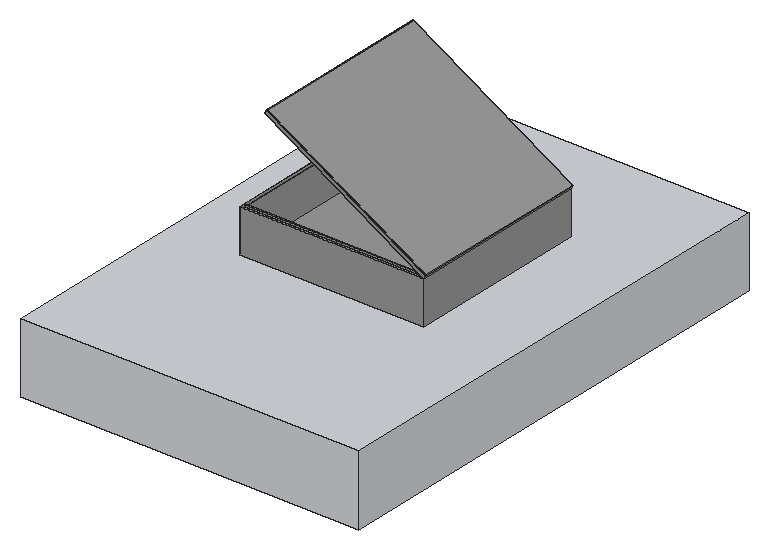
Revit family "Hager-Univers-IP44-D205-H800-Cl.I-Encl-AT-de", category Equipement électrique, Revit 2020
Family settings
  Hôte = Face
  Configuration du panneau = Deux colonnes, circuits au sein
  Cote de connecteur circulaire = Utiliser le diamètre
  Type d'élément = Tableau de raccordement
  Couper avec des vides une fois chargée = Non
  Partagée = Non
  Point de calcul de pièce = Non
Parameters (values of type "Aufputz IP44 B800 H800 T205  - FP53TN2")
  Width Control [instance] = if([EF000008 - Breite] > Min Width, [EF000008 - Breite], Min Width)  # 800 mm
  Commentaires du type = [HG000003 - Bereich]  # "Univers"
  Thickness Door [instance] = if([EF009171 - Materialstärke Tür/Deckel] > 3 mm, 3 mm, [EF009171 - Materialstärke Tür/Deckel])  # 1 mm
  Seal Frame Offset [instance] = 17 mm  # constant formula
  Plinth Visibility [instance] = [HG000027 - Sockelhöhe] > 0 mm  # no
  Model = ""
  Min Width [instance] = 100 mm  # constant formula
  Min Height [instance] = 100 mm  # constant formula
  Min Depth [instance] = (2 * [EF009170 - Materialstärke Gehäuse]) + 1 mm  # 3 mm
  Internal Frame Depth [instance] = (Door System Depth * 0.5)  # 9 mm
  Height Control [instance] = if([EF000040 - Höhe] > Min Height, [EF000040 - Höhe], Min Height)  # 800 mm
  HG000027 - Sockelhöhe = 0 mm
  HG000026 - Stehend auf dem Boden = no
  HG000024 - Höhe des unteren Teils = 800 mm
  HG000023 - Gehäuse mit doppeltem Querschnitt = no
  HG000016 - 3D-Türsichtbarkeit [instance] = yes
  HG000015 - Sichtbarkeit der Türöffnung [instance] = no
  HG000014 - Tür rechts [instance] = yes
  HG000013 - Tür links [instance] = not([HG000014 - Tür rechts])  # no
  HG000012 - Türschwenkwinkel [instance] = 30.00°
  HG000010 - Asymmetrische Türen = no
  HG000009 - Doppelflügeligen Tür = no
  HG000006 - Unterputz = no
  HG000004 - Herstellerreferenz = "FP53TN2"
  HG000003 - Bereich = "Univers"
  HG000002 - Mit tür = yes
  Frame Offset Bottom [instance] = 10 mm  # constant formula
  Frame Offset [instance] = 15 mm  # constant formula
  EF015940 - Deckel mit Überdruckentlastung = no
  EF011959 - Schutzart (NEMA) = ""
  EF009554 - Anzahl der Öffnungen für Flanschplatten = 6
  Fabricant = "Hager"  # constant formula
  EF009212 - Ausführung Deckel = "EV000116 - geschlossen"
  EF009171 - Materialstärke Tür/Deckel = 1 mm
  EF009170 - Materialstärke Gehäuse = 1 mm
  EF008873 - Nennstrom (In) = 250 A
  EF007800 - Geeignet für Blitzschutz = no
  EF006306 - Mit Schloss = no
  EF006244 - Transparenter Deckel/Tür = no
  EF005474 - Schutzart (IP) = "EV006418 - IP44"
  EF004464 - Art der Tür = "EV002646 - Einzel"
  EF004427 - Anzahl der Module = 180
  EF004293 - Schlagfestigkeit = "EV006815 - IK09"
  EF003532 - Geeignet für Außengebrauch = no
  EF002950 - Breite in Teilungseinheiten = 36
  EF001613 - Funktionserhalt = "EV000494 - ohne"
  EF001596 - Werkstoff des Gehäuses = "EV000179 - Stahl"
  EF001131 - Innentiefe = 205 mm
  EF001088 - Anbaumöglichkeit = yes
  EF000437 - Anzahl der Leitungseinführungen = 6
  EF000339 - Art der Abdeckung = "EV001012 - Deckel"
  EF000266 - Anzahl der Reihen = 5
  EF000218 - Einbautiefe = 205 mm
  EF000118 - Mit Montageplatte = no
  EF000116 - RAL-Nummer = "9010"
  EF000049 - Tiefe = 205 mm
  EF000040 - Höhe = 800 mm
  EF000008 - Breite = 800 mm
  EF000007 - Farbe = "EV000202 - weiß"
  EF000003 - Montageart = "EV000384 - Aufputz"
  Door System Leaf Tolerance [instance] = 1.5 mm  # constant formula
  Door System Depth [instance] = 18 mm  # constant formula
  Door Height [instance] = Height Control - [HG000027 - Sockelhöhe]  # 800 mm
  Depth Control [instance] = if([EF000049 - Tiefe] > Min Depth, [EF000049 - Tiefe], Min Depth)  # 205 mm
  Default Elevation = 0 mm
  Connector Offset [instance] = Height Control / 2  # 400 mm
  Bottom Top Plate Trim [instance] = 1.5 mm  # constant formula
  Plinth height Ctrl [instance] = if([HG000027 - Sockelhöhe] > 0 mm, [HG000027 - Sockelhöhe], 12 mm)  # 12 mm
Types (4, lengths in mm): name | Width Control | HG000009 - Doppelflügeligen Tür | HG000004 - Herstellerreferenz | EF009554 - Anzahl der Öffnungen für Flanschplatten | EF004464 - Art der Tür | EF004427 - Anzahl der Module | EF002950 - Breite in Teilungseinheiten | EF000437 - Anzahl der Leitungseinführungen | EF000008 - Breite
  Aufputz IP44 B1050 H800 T205  - FP54TN2 | 1050 | yes | "FP54TN2" | 8 | "EV003602 - Doppel" | 240 | 48 | 8 | 1050
  Aufputz IP44 B300 H800 T205  - FP51TN2 | 300 | no | "FP51TN2" | 2 | "EV002646 - Einzel" | 60 | 12 | 2 | 300
  Aufputz IP44 B550 H800 T205  - FP52TN2 | 550 | no | "FP52TN2" | 4 | "EV002646 - Einzel" | 120 | 24 | 4 | 550
  Aufputz IP44 B800 H800 T205  - FP53TN2 | 800 | no | "FP53TN2" | 6 | "EV002646 - Einzel" | 180 | 36 | 6 | 800
Reference planes
  plane 1 "Center (Front/Back)": y = 0
  plane 2: z = 0
  plane 3 "Center (Left/Right)": x = 0
  plane 4: z = 205
  plane 5: y = 1
  plane 6: y = 400
  plane 7: y = 0
  plane 8: y = 800
  plane 9: z = 0
  plane 10: x = -385
  plane 11: x = 385
  plane 12: x = 384
  plane 13: x = -384
  plane 14: y = 799
  plane 15: x = -383
  plane 16: x = -400
  plane 17: x = 383
  plane 18: x = 400
  plane 19: x = 399
  plane 20: x = -399
  plane 21: y = 11
  plane 22: y = 800
  plane 23: y = 784
  plane 24: z = 187
  plane 25: z = 1
  plane 26: z = 186
  plane 27: z = 204
Forms (mm)
  Extrusion 1, solid
    sketch origin (0, 0, 0) x (1, 0, 0) y (0, 1, 0)
      loop
        line (-702.964, 1305) -> (-702.964, -811.445) -> (766.763, -811.445) -> (766.763, 1305) -> (-702.964, 1305)
    from 0 to -304.8
  Extrusion 2, solid, material "Hager_Steel_RAL7035_Light_Grey", visible <- "Plinth Visibility", detail levels medium+fine
    sketch origin (0, 0, 0) x (1, 0, 0) y (0, 1, 0)
      loop
        line (-400, 0) -> (400, 0) -> (400, 12) -> (-400, 12) -> (-400, 0)
    from 0 to 187
  Extrusion 3, solid, material "Hager_Steel_RAL7035_Light_Grey", detail levels medium+fine
    sketch origin (0, 0, 0) x (1, 0, 0) y (0, 1, 0)
      loop
        line (-400, 0) -> (400, 0) -> (400, 800) -> (-400, 800) -> (-400, 0)
    from 0 to 187
  Extrusion 4, void
    sketch origin (0, 0, 0) x (1, 0, 0) y (0, 1, 0)
      loop
        line (-399, 1) -> (399, 1) -> (399, 799) -> (-399, 799) -> (-399, 1)
    from 1 to 186
  Extrusion 5, void
    sketch origin (-381.607, -4572, 187) x (0, -1, 0) y (-1, 0, 0)
      loop
        line (-4583, 2.393) -> (-5356, 2.393) -> (-5356, -765.607) -> (-4583, -765.607) -> (-4583, 2.393)
    from 0 to 1 <- "EF009170 - Materialstärke Gehäuse"
  Extrusion 6, solid, material "Hager_Steel_RAL7035_Light_Grey", detail levels fine
    sketch origin (0, 0, 187) x (1, 0, 0) y (0, 1, 0)
      loop
        line (-384, 784) -> (-384, 11) -> (384, 11) -> (384, 784) -> (-384, 784)
      loop
        line (-385, 10) -> (385, 10) -> (385, 785) -> (-385, 785) -> (-385, 10)
    from 0 to 9 <- "Internal Frame Depth"
  Extrusion 7, solid, material "Hager_Steel_RAL7035_Light_Grey", detail levels coarse
    sketch origin (0, 0, 0) x (1, 0, 0) y (0, 1, 0)
      loop
        line (-400, 0) -> (400, 0) -> (400, 800) -> (-400, 800) -> (-400, 0)
    from 0 to 205
  Sweep 8, void
    path in 3D
      loop
        line (-400, 12, 0) -> (400, 12, 0) -> (400, 12, 187) -> (-400, 12, 187) -> (-400, 12, 0)
    profile origin (-400, 12, 93.5) x (-1, 0, 0) y (0, -1, 0)
      loop
        line (0, 0) -> (0, 1.5) -> (-1.5, 1.5)
        arc (-1.5, 1.5) -> (-1.061, 0.439) -> (0, 0) r 1.5
Cuts and joins
  Extrusion 4, Extrusion 5 cuts Extrusion 3
  Sweep 8 cuts Extrusion 2
Lines and regions (mm)
  Masking region 1
    outline origin (0, 0, 0) x (1, 0, 0) y (0, 0, 1)
      loop
        line (-400, 205) -> (-400, 0) -> (400, 0) -> (400, 205) -> (-400, 205)
  Masking region 2, detail levels medium+fine
    outline origin (0, 140, 0) x (0, 1, 0) y (0, 0, 1)
      loop
        line (-140, 0) -> (660, 0) -> (660, 187) -> (-140, 187) -> (-140, 0)
  Masking region 3, not visible, detail levels medium+fine
    outline origin (0, 297.922, 0) x (0, 1, 0) y (0, 0, 1)
      loop
        line (113.578, 0) -> (153.578, 0) -> (153.578, 194)
        arc (153.578, 194) -> (150.649, 201.071) -> (143.578, 204) r 10
        line (143.578, 204) -> (113.578, 204) -> (113.578, 0)
  Masking region 4, detail levels coarse
    outline origin (0, 0, 180) x (0, 1, 0) y (0, 0, 1)
      loop
        line (0, -180) -> (800, -180) -> (800, 25) -> (0, 25) -> (0, -180)
  Masking region 5, visible <- "Plinth Visibility", detail levels medium+fine
    outline origin (0, 52.24, 12.345) x (0, 0, -1) y (0, 1, 0)
      loop
        line (10.845, -40.24) -> (-173.155, -40.24)
        arc (-173.155, -40.24) -> (-173.594, -41.301) -> (-174.655, -41.74) r 1.5
        line (-174.655, -41.74) -> (-174.655, -52.24) -> (12.345, -52.24) -> (12.345, -41.74)
        arc (12.345, -41.74) -> (11.285, -41.301) -> (10.845, -40.24) r 1.5
  Masking region 6, detail levels medium+fine
    outline origin (-381.607, -4572, 187) x (-1, 0, 0) y (0, -1, 0)
      loop
        line (18.393, -5372) -> (18.393, -4572) -> (-781.607, -4572) -> (-781.607, -5372) -> (18.393, -5372)
  Masking region 7, visible <- "Plinth Visibility", detail levels medium+fine
    outline origin (-381.607, -4727, 187) x (-1, 0, 0) y (0, -1, 0)
      loop
        arc (16.893, -4739) -> (17.332, -4737.939) -> (18.393, -4737.5) r 1.5
        line (18.393, -4737.5) -> (18.393, -4727) -> (-781.607, -4727) -> (-781.607, -4737.5)
        arc (-781.607, -4737.5) -> (-780.546, -4737.939) -> (-780.107, -4739) r 1.5
        line (-780.107, -4739) -> (16.893, -4739)
  Masking region 8, detail levels coarse
    outline origin (-442.548, -4669.526, 187) x (-1, 0, 0) y (0, -1, 0)
      loop
        line (-42.548, -5469.526) -> (-42.548, -4669.526) -> (-842.548, -4669.526) -> (-842.548, -5469.526) -> (-42.548, -5469.526)
  sketch lines
    curve 1: line (-400, 12, 187) -> (-400, 12, 0)
    curve 2: line (400, 12, 187) -> (-400, 12, 187)
    curve 3: line (400, 12, 187) -> (400, 12, 0)
    curve 4: line (-400, 12, 0) -> (400, 12, 0)
Dimensions and locks
  "Depth Control": plane 4 to Extrusion 1
  "HG000027 - Sockelhöhe": plane 1 "Center (Front/Back)" to plane 7
  "EF009170 - Materialstärke Gehäuse": plane 5 to plane 7
  locked: connector elem to plane 3 "Center (Left/Right)"
  equal spacing: plane 8, plane 6, plane 7
  locked: connector elem to plane 6
  "EF009170 - Materialstärke Gehäuse": plane 8 to plane 14
  "EF009170 - Materialstärke Gehäuse": plane 10 to plane 13
  "EF009170 - Materialstärke Gehäuse": plane 12 to plane 11
  "Frame Offset": plane 20 to plane 13
  "Frame Offset": plane 12 to plane 19
  "EF009170 - Materialstärke Gehäuse": plane 16 to plane 20
  "EF009170 - Materialstärke Gehäuse": plane 19 to plane 18
  "Seal Frame Offset": plane 16 to plane 15
  "Seal Frame Offset": plane 17 to plane 18
  "Frame Offset Bottom": plane 21 to plane 5
  "Frame Offset": plane 14 to plane 23
  equal spacing: plane 16, plane 3 "Center (Left/Right)", plane 18
  "Width Control": plane 16 to plane 18
  "EF009170 - Materialstärke Gehäuse": plane 4 to plane 27
  "EF009170 - Materialstärke Gehäuse": plane 24 to plane 26
  "EF009170 - Materialstärke Gehäuse": plane 25 to level
  "Door System Depth": plane 4 to plane 24
  "Height Control": plane 1 "Center (Front/Back)" to Extrusion 7 sketch curve
  "Height Control": Masking region 4 sketch curve to plane 1 "Center (Front/Back)"
  "Height Control": plane 1 "Center (Front/Back)" to plane 22
  "Bottom Top Plate Trim": profile plane to Sweep 8 sketch curve
  "Bottom Top Plate Trim": Sweep 8 sketch curve to profile plane
  "Plinth height Ctrl": plane 1 "Center (Front/Back)" to Extrusion 2 sketch curve
  "Plinth height Ctrl": Masking region 5 sketch curve to plane 1 "Center (Front/Back)"
  "Plinth height Ctrl": plane 1 "Center (Front/Back)" to Masking region 7 sketch curve
  "Thickness Door": Extrusion 6 sketch curve to Extrusion 6 sketch curve  (x3)
  "Thickness Door": cut or joined group of Extrusion 3, Extrusion 4, Extrusion 5 to Extrusion 6 sketch curve
  radius of Masking region 3 sketch curve = 10 mm
  "Bottom Top Plate Trim": radius of Masking region 5 sketch curve  (x2)
  "Bottom Top Plate Trim": radius of Sweep 8 sketch curve
  "Bottom Top Plate Trim": radius of Masking region 7 sketch curve  (x2)
  aligned and locked: plane 2 to Extrusion 1
  aligned and locked: level to Extrusion 1
  aligned and locked: level to Masking region 1 sketch curve
  aligned and locked: Masking region 1 sketch curve to plane 18
  aligned and locked: Masking region 1 sketch curve to plane 16
  aligned and locked: plane 7 to Masking region 2 sketch curve
  aligned and locked: level to Masking region 3 sketch curve
  aligned and locked: Masking region 3 sketch curve to plane 27
  aligned and locked: level to Masking region 2 sketch curve
  aligned and locked: plane 1 "Center (Front/Back)" to Extrusion 2 sketch curve
  aligned and locked: Extrusion 3 sketch curve to plane 7
  aligned and locked: plane 16 to Extrusion 3 sketch curve
  aligned and locked: plane 18 to Extrusion 3 sketch curve
  aligned and locked: plane 20 to Extrusion 4 sketch curve
  aligned and locked: plane 19 to Extrusion 4 sketch curve
  aligned and locked: Extrusion 4 sketch curve to plane 5
  aligned and locked: Extrusion 4 to plane 25
  aligned and locked: plane 26 to Extrusion 4
  aligned and locked: plane 24 to Extrusion 3
  aligned and locked: Extrusion 5 sketch curve to plane 21
  aligned and locked: Extrusion 5 sketch curve to plane 13
  aligned and locked: Extrusion 5 sketch curve to plane 12
  aligned and locked: plane 18 to Extrusion 7 sketch curve
  aligned and locked: plane 1 "Center (Front/Back)" to Extrusion 7 sketch curve
  aligned and locked: plane 16 to Extrusion 7 sketch curve
  aligned and locked: plane 4 to Extrusion 7
  aligned and locked: Extrusion 7 to level
  aligned and locked: level to Masking region 4 sketch curve
  aligned and locked: Masking region 4 sketch curve to plane 1 "Center (Front/Back)"
  aligned and locked: Masking region 4 sketch curve to plane 4
  aligned and locked: nested 1 to level
  aligned and locked: nested 1 to plane 16
  aligned and locked: plane 8 to Extrusion 3 sketch curve
  aligned and locked: plane 23 to Extrusion 5 sketch curve
  aligned and locked: plane 14 to Extrusion 4 sketch curve
  aligned and locked: Masking region 2 sketch curve to plane 8
  aligned and locked: level to Masking region 5 sketch curve
  aligned and locked: plane 16 to Extrusion 2 sketch curve
  aligned and locked: plane 18 to Extrusion 2 sketch curve
  aligned and locked: Masking region 5 sketch curve to plane 24
  aligned and locked: Masking region 2 sketch curve to plane 24
  aligned and locked: plane 24 to Extrusion 2
  aligned and locked: profile plane to Sweep 8 sketch curve  (x2)
  aligned and locked: Masking region 6 sketch curve to plane 18
  aligned and locked: Masking region 6 sketch curve to plane 22
  aligned and locked: Masking region 6 sketch curve to plane 16
  aligned and locked: plane 8 to plane 22
  aligned and locked: Masking region 6 sketch curve to plane 7
  aligned and locked: Masking region 7 sketch curve to plane 16
  aligned and locked: Masking region 7 sketch curve to plane 1 "Center (Front/Back)"
  aligned and locked: Masking region 7 sketch curve to plane 18
  aligned and locked: Masking region 8 sketch curve to plane 1 "Center (Front/Back)"
  aligned and locked: Masking region 8 sketch curve to plane 18
  aligned and locked: Masking region 8 sketch curve to plane 22
  aligned and locked: Masking region 8 sketch curve to plane 16
  aligned and locked: nested 2 to plane 7
  aligned and locked: plane 3 "Center (Left/Right)" to nested 2
  aligned and locked: nested 2 to plane 24
  aligned and locked: Extrusion 6 sketch curve to cut or joined group of Extrusion 3, Extrusion 4, Extrusion 5  (x4)
Automatic sketch dimensions
  Extrusion 1 sketch curve to Extrusion 1 sketch curve = 1469.727 mm
  Extrusion 1 sketch curve to Extrusion 1 sketch curve = 2116.445 mm
  Masking region 1 sketch curve to plane 4 = 0 mm
  plane 6 to Masking region 3 sketch curve = 11.5 mm
  Masking region 3 sketch curve to Masking region 3 sketch curve = 30 mm
  Masking region 5 sketch curve to plane 1 "Center (Front/Back)" = 0 mm
Nested families
  nested 1: "Hager_Enclosure_Symbol" at (-400, 0, 0) x (1, 0, 0) z (0, -1, 0), Height <- "Depth Control", Width <- "Width Control", type "Hager_Enclosure_Symbol"
    with Width_Ctrl 800 mm, Width 800 mm, Height_Ctrl 205 mm, Height 205 mm, A_Width_Int 13.453 mm, A_Width 161.438 mm, A_Height_Ctrl 179.375 mm, A_Height 179.375 mm
  nested 2: "EC000058_Univers_Door" at (0, 0, 187) x (1, 0, 0) z (0, 1, 0), Leaf_Tolerance <- "Door System Leaf Tolerance", Angle <- "HG000012 - Türschwenkwinkel", Door_Depth <- "Door System Depth", Door_Left <- "HG000013 - Tür links", Transparent <- "EF006244 - Transparenter Deckel/Tür", Assymetrical <- "HG000010 - Asymmetrische Türen", Width <- "Width Control", Clearance <- "HG000015 - Sichtbarkeit der Türöffnung", Double <- "HG000009 - Doppelflügeligen Tür", 3d_Door <- "HG000016 - 3D-Türsichtbarkeit", Lock_Visibility <- "EF006306 - Mit Schloss", Width_Ctrl <- "Width Control", Door_Right <- "HG000014 - Tür rechts", Door <- "HG000002 - Mit tür", Height <- "Door Height", Thickness <- "Thickness Door", type "EC000058_Univers_Door", detail levels medium+fine
    with min_wh 3 mm, Width_Ctrl 800 mm, Width 800 mm, Transparent no, Thickness 1 mm, Seal_Material Hager_Rubber, Lock_Visibility no, Lock_Material Hager_Plastic_RAL9005_Jet_Black, Leaf_Width 800 mm, Leaf_Tolerance_External_Sides 0 mm, Leaf_Tolerance 1.5 mm, Leaf_Offset 0 mm, Leaf_Height 797 mm, Leaf_2_Width 800 mm, Leaf_2_Offset 400 mm, Leaf_1_Width 800 mm, Leaf_1_Offset 400 mm, Height_Ctrl 800 mm, Height 800 mm, Glass_Material Hager_Glass, Double_Clearance_Ctrl no, Double no, Door_Right_Ctrl yes, Door_Right yes, Door_Material Hager_Steel_RAL7035_Light_Grey, Door_Left_Ctrl no, Door_Left no, Door_Depth 18 mm, Door yes, Clearance_Material Hager_Clearance, Clearance_Depth 800 mm, Clearance_Ctrl no, Clearance no, Assymetrical no, Angle 30.00°, 3d_Door yes
Connectors
  electrical at (0, 400, 0)
    settings: on plane 9, index 1, voltage 0 V, apparent load 0 VA, apparent load phase1 0 VA, apparent load phase2 0 VA, apparent load phase3 0 VA, power factor 1, load classification "Other", number of poles 1, system type 30, power factor state 1, is connector primary yes, connector utility no, sub classification motor no, connector description ""
Definition of nested family "EC000058_Univers_Door"
  Parameters (values of type "EC000058_Univers_Door")
    min_wh [instance] = (2 * Thickness) + 1 mm  # 11 mm
    Width_Ctrl [instance] = 400 mm
    Width [instance] = 500 mm
    Transparent [instance] = yes
    Thickness [instance] = 5 mm
    Seal_Material [instance] = none
    Lock_Visibility [instance] = yes
    Lock_Material [instance] = none
    Leaf_Width [instance] = if((Width_Ctrl - 2 * Leaf_Tolerance_External_Sides) > 0 mm, (Width_Ctrl - 2 * Leaf_Tolerance_External_Sides), min_wh)  # 400 mm
    Leaf_Tolerance_External_Sides [instance] = 0 mm  # constant formula
    Leaf_Tolerance [instance] = 1.5 mm
    Leaf_Offset [instance] = 0 mm  # constant formula
    Leaf_Height [instance] = if((Height_Ctrl - 2 * Leaf_Tolerance) > 0 mm, (Height_Ctrl - 2 * Leaf_Tolerance), min_wh)  # 497 mm
    Leaf_2_Width [instance] = if(and(and(Double, Assymetrical), Door_Left), (Leaf_Width / 3) - (Leaf_Tolerance / 2), if(and(and(Double, Assymetrical), Door_Right), (Leaf_Width / 3) * 2 - (Leaf_Tolerance / 2), if(and(Double, not(Assymetrical)), (Leaf_Width / 2) - Leaf_Tolerance, Leaf_Width)))  # 400 mm
    Leaf_2_Offset [instance] = if(and(Double, Assymetrical), Leaf_2_Width / 2, if(and(Double, not(Assymetrical)), Leaf_Width / 4, Leaf_Width / 2))  # 200 mm
    Leaf_1_Width [instance] = if(and(and(Double, Assymetrical), Door_Right), (Leaf_Width / 3) - (Leaf_Tolerance / 2), if(and(and(Double, Assymetrical), Door_Left), (Width / 3) * 2 - (Leaf_Tolerance / 2), if(and(Double, not(Assymetrical)), (Leaf_Width / 2) - Leaf_Tolerance, Leaf_Width)))  # 400 mm
    Leaf_1_Offset [instance] = if(and(Double, Assymetrical), Leaf_1_Width / 2, if(and(Double, not(Assymetrical)), Leaf_Width / 4, Leaf_Width / 2))  # 200 mm
    Height_Ctrl [instance] = if(Height > min_wh, Height, min_wh)  # 500 mm
    Height [instance] = 500 mm
    Glass_Material [instance] = none
    Double_Clearance_Ctrl [instance] = and(Double, Clearance)  # no
    Double [instance] = no
    Door_Right_Ctrl [instance] = and(or(Door_Right, Double), Door)  # yes
    Door_Right [instance] = yes
    Door_Material [instance] = none
    Door_Left_Ctrl [instance] = and(or(Door_Left, Double), Door)  # no
    Door_Left [instance] = no
    Door_Depth [instance] = 30 mm
    Door [instance] = yes
    Default Elevation = 1219.2 mm
    Clearance_Material [instance] = none
    Clearance_Depth [instance] = if(Leaf_1_Width > Leaf_2_Width, Leaf_1_Width, Leaf_2_Width)  # 400 mm
    Clearance_Ctrl [instance] = and(not(Double), Clearance)  # yes
    Clearance [instance] = yes
    Assymetrical [instance] = yes
    Angle [instance] = 30.00°
    3d_Door [instance] = yes
  Reference planes
    plane 1 "Center (Front/Back)": y = 0
    plane 2 "Bottom": z = 0
    plane 3 "Center (Left/Right)": x = 0
    plane 4: z = 500
    plane 5: x = -200
    plane 6: x = 200
    plane 7: z = 500
    plane 8: x = -200
    plane 9: z = 0
    plane 10: x = 200
    plane 11: y = 0
    plane 12: z = 1.5
    plane 13: x = -600
    plane 14: y = -400
    plane 15: x = 600
    plane 16: x = 0
    plane 17: x = 0
    plane 18: x = -200
    plane 19: x = 200
    plane 20: z = 498.5
  Forms (mm)
    Extrusion 1, solid, material <- "Clearance_Material", visible <- "Double_Clearance_Ctrl"
      sketch origin (1200, 0, 0) x (1, 0, 0) y (0, 0, -1)
        loop
          line (-1800, -498.5) -> (-600, -498.5) -> (-600, 0) -> (-1800, 0) -> (-1800, -498.5)
      from 0 to -400
  Dimensions and locks
    equal spacing: plane 5, plane 3 "Center (Left/Right)", plane 6
    "Width_Ctrl": plane 5 to plane 6
    "Leaf_Offset": plane 5 to plane 8
    "Leaf_Offset": plane 6 to plane 10
    "Leaf_Offset": plane 9 to level
    "Leaf_Offset": plane 4 to plane 7
    "Height_Ctrl": plane 4 to level
    "Leaf_Tolerance": plane 12 to plane 9
    locked: plane 11 to plane 1 "Center (Front/Back)"
    "Leaf_1_Offset": plane 18 to plane 16
    "Leaf_2_Offset": plane 17 to plane 19
    "Leaf_1_Width": plane 13 to plane 8
    "Leaf_2_Width": plane 10 to plane 15
    "Clearance_Depth": plane 14 to plane 1 "Center (Front/Back)"
    "Leaf_Tolerance_External_Sides": plane 8 to plane 18
    "Leaf_Tolerance_External_Sides": plane 19 to plane 10
    "Leaf_Tolerance": plane 7 to plane 20
    aligned and locked: level to plane 2 "Bottom"
    aligned and locked: nested 1 to plane 16
    aligned and locked: nested 2 to plane 17
    aligned and locked: Extrusion 1 to plane 13
    aligned and locked: plane 15 to Extrusion 1
    aligned and locked: Extrusion 1 to plane 14
    aligned and locked: plane 12 to nested 1
    aligned and locked: nested 2 to plane 12
    aligned and locked: Extrusion 1 to plane 11
    aligned and locked: plane 20 to Extrusion 1
    aligned and locked: nested 2 to plane 11
    aligned and locked: nested 1 to plane 11
  Automatic sketch dimensions
    Extrusion 1 sketch curve to level = 0 mm
    plane 5 to Extrusion 1 sketch curve = 400 mm
    plane 6 to Extrusion 1 sketch curve = 400 mm
    Extrusion 1 sketch curve to plane 4 = 1.5 mm
  Nested families
    nested 1: "EC000058_Univers_Door_Leaf" at (0, 0, 1.5), Width <- "Leaf_1_Width", visible <- "Door_Left_Ctrl", Leaf_Height <- "Leaf_Height", Angle <- "Angle", 3d_Door <- "3d_Door", Transparent <- "Transparent", Clearance Material <- "Clearance_Material", Clearance <- "Clearance_Ctrl", Door_Material <- "Door_Material", Glass_Material <- "Glass_Material", Door_Depth <- "Door_Depth", Lock_Material <- "Lock_Material", Seal_Material <- "Seal_Material", Lock_Visibility <- "Lock_Visibility", Thickness <- "Thickness", type "EC000058_Univers_Door_Leaf"
      with Width 400 mm, Transparent_Glass_Offset 30 mm, Transparent_Ctrl yes, Transparent yes, Thickness 5 mm, Standard no, Seal_Material none, Seal_D2 8 mm, Seal_D1 1 mm, Offset_Internal_Frame 10 mm, Lock_Width 20 mm, Lock_Visibility_3d yes, Lock_Visibility yes, Lock_Thickness_3 3 mm, Lock_Thickness_2 1 mm, Lock_Thickness_1 3 mm, Lock_Radius_Offset_2 16 mm, Lock_Radius_Offset_1 15 mm, Lock_Radius_2 5 mm, Lock_Radius 6 mm, Lock_Offset 5 mm, Lock_Material none, Lock_Height 80 mm, Lock_Cover_Top_Offset_2d 17 mm, Lock_Cover_Height -65 mm, Leaf_Height 497 mm, Internal_Seal_Thickness 8 mm, Internal_Seal_Depth_2 4.5 mm, Internal_Frame_Depth 25 mm, Glass_Thickness -1 mm, Glass_Offset -2 mm, Glass_Material none, Door_Material none, Door_Depth 30 mm, Clearance Material none, Clearance yes, Angle_Ctrl 30.00°, Angle 30.00°, 3d_Door yes
    nested 2: "EC000058_Univers_Door_Leaf" at (0, 0, 1.5) x (-1, 0, 0) z (0, 0, 1), Width <- "Leaf_2_Width", visible <- "Door_Right_Ctrl", Leaf_Height <- "Leaf_Height", Angle <- "Angle", 3d_Door <- "3d_Door", Transparent <- "Transparent", Clearance Material <- "Clearance_Material", Clearance <- "Clearance_Ctrl", Door_Material <- "Door_Material", Glass_Material <- "Glass_Material", Door_Depth <- "Door_Depth", Lock_Material <- "Lock_Material", Seal_Material <- "Seal_Material", Lock_Visibility <- "Lock_Visibility", Thickness <- "Thickness", type "EC000058_Univers_Door_Leaf"
      with Width 400 mm, Transparent_Glass_Offset 30 mm, Transparent_Ctrl yes, Transparent yes, Thickness 5 mm, Standard no, Seal_Material none, Seal_D2 8 mm, Seal_D1 1 mm, Offset_Internal_Frame 10 mm, Lock_Width 20 mm, Lock_Visibility_3d yes, Lock_Visibility yes, Lock_Thickness_3 3 mm, Lock_Thickness_2 1 mm, Lock_Thickness_1 3 mm, Lock_Radius_Offset_2 16 mm, Lock_Radius_Offset_1 15 mm, Lock_Radius_2 5 mm, Lock_Radius 6 mm, Lock_Offset 5 mm, Lock_Material none, Lock_Height 80 mm, Lock_Cover_Top_Offset_2d 17 mm, Lock_Cover_Height -65 mm, Leaf_Height 497 mm, Internal_Seal_Thickness 8 mm, Internal_Seal_Depth_2 4.5 mm, Internal_Frame_Depth 25 mm, Glass_Thickness -1 mm, Glass_Offset -2 mm, Glass_Material none, Door_Material none, Door_Depth 30 mm, Clearance Material none, Clearance yes, Angle_Ctrl 30.00°, Angle 30.00°, 3d_Door yes
  Definition of nested family "EC000058_Univers_Door_Leaf"
    Parameters (values of type "EC000058_Univers_Door_Leaf")
      Width [instance] = 2000 mm
      Transparent_Glass_Offset [instance] = 30 mm
      Transparent_Ctrl [instance] = and(Transparent, [3d_Door])  # yes
      Transparent [instance] = yes
      Thickness [instance] = 5 mm
      Standard [instance] = and(not(Transparent), [3d_Door])  # no
      Seal_Material [instance] = none
      Seal_D2 [instance] = 8 mm  # constant formula
      Seal_D1 [instance] = 1 mm  # constant formula
      Offset_Internal_Frame [instance] = 10 mm  # constant formula
      Lock_Width [instance] = 20 mm  # constant formula
      Lock_Visibility_3d [instance] = and(Lock_Visibility, [3d_Door])  # yes
      Lock_Visibility [instance] = yes
      Lock_Thickness_3 [instance] = 3 mm  # constant formula
      Lock_Thickness_2 [instance] = 1 mm  # constant formula
      Lock_Thickness_1 [instance] = 3 mm  # constant formula
      Lock_Radius_Offset_2 [instance] = Lock_Radius_Offset_1 + 1 mm  # 16 mm
      Lock_Radius_Offset_1 [instance] = 15 mm  # constant formula
      Lock_Radius_2 [instance] = Lock_Radius - 1 mm  # 5 mm
      Lock_Radius [instance] = 6 mm  # constant formula
      Lock_Offset [instance] = 5 mm  # constant formula
      Lock_Material [instance] = none
      Lock_Height [instance] = 80 mm  # constant formula
      Lock_Cover_Top_Offset_2d [instance] = Lock_Radius_Offset_2 + 1 mm  # 17 mm
      Lock_Cover_Height [instance] = -(Lock_Height - Lock_Radius_Offset_1)  # -65 mm
      Leaf_Height [instance] = 2720.336 mm
      Internal_Seal_Thickness [instance] = 8 mm  # constant formula
      Internal_Seal_Depth_2 [instance] = 4.5 mm  # constant formula
      Internal_Frame_Depth [instance] = if(Door_Depth - Thickness > 5 mm, Door_Depth - Thickness, 5 mm)  # 25 mm
      Glass_Thickness [instance] = if(Thickness > 15 mm, Glass_Offset + 10 mm, -1 mm)  # -1 mm
      Glass_Offset [instance] = if(Thickness > 15 mm, -(Thickness + 10 mm) / 2, -2 mm)  # -2 mm
      Glass_Material [instance] = none
      Door_Material [instance] = none
      Door_Depth [instance] = 30 mm
      Default Elevation = 0 mm
      Clearance Material [instance] = none
      Clearance [instance] = yes
      Angle_Ctrl [instance] = if(Angle > 180.00°, 180.00°, Angle)  # 90.00°
      Angle [instance] = 90.00°
      3d_Door [instance] = yes
    Reference planes
      plane 1 "Center (Front/Back)": y = 0
      plane 2: z = 0
      plane 3 "Center (Left/Right)": x = 0
      plane 4: y = 2000
      plane 5: x = -1000
      plane 6: x = 1000
      plane 7: x = -3000
      plane 8: z = 2720.336
      plane 9: z = 30
      plane 10: z = 2690.336
      plane 11: x = 970
      plane 12: x = -970
      plane 13: y = -3
      plane 14: z = 107.833
      plane 15: y = -5
      plane 16: y = -223.314
      plane 17: x = -1000
      plane 18: z = 1360.168
      plane 19: y = 30
    Forms (mm)
      Extrusion 1, solid, material <- "Clearance Material", visible <- "Clearance"
        sketch origin (0, 0, 0) x (1, 0, 0) y (0, 0, 1)
          loop
            line (-3000, 2720.336) -> (-3000, 0) -> (1000, 0) -> (1000, 2720.336) -> (-3000, 2720.336)
        from 0 to -2000
      Extrusion 2, solid, material <- "Door_Material", visible <- "Standard", detail levels medium+fine
        sketch origin (-1000, 0, 0) x (0, 1, 0) y (-1, 0, 0)
          loop
            line (0, 30) -> (0, 25) -> (2000, 25) -> (2000, 30) -> (0, 30)
        from 0 to 2720.336 <- "Leaf_Height"
      Extrusion 3, solid, material <- "Door_Material", visible <- "Transparent_Ctrl", detail levels medium+fine
        sketch origin (-1000, 0, 0) x (0, 1, 0) y (-1, 0, 0)
          loop
            line (0, 25) -> (2000, 25) -> (2000, 30) -> (0, 30) -> (0, 25)
        from 0 to 2720.336 <- "Leaf_Height"
      Extrusion 4, void
        sketch origin (-1025, 2000, 0) x (0, 1, 0) y (0, 0, -1)
          loop
            line (-30, -2690.336) -> (-30, -30) -> (-1970, -30) -> (-1970, -2690.336) -> (-30, -2690.336)
        from 0 to 5 <- "Thickness"
      Sweep 5, solid, material <- "Seal_Material", visible <- "Transparent_Ctrl", detail levels fine
        path in 3D
          loop
            line (-1025, 30, 30) -> (-1025, 30, 2690.336) -> (-1025, 1970, 2690.336) -> (-1025, 1970, 30) -> (-1025, 30, 30)
        profile origin (-1025, 1000, 30) x (1, 0, 0) y (0, 0, 1)
          loop
            line (0, 0) -> (0, -8) -> (1, -8) -> (1, 0) -> (0, 0)
      Extrusion 6, solid, material <- "Glass_Material", visible <- "Transparent_Ctrl", detail levels medium+fine
        sketch origin (-1030, 0, 0) x (0, 1, 0) y (0, 0, -1)
          loop
            line (1970, -2690.336) -> (1970, -30) -> (30, -30) -> (30, -2690.336) -> (1970, -2690.336)
        from -2 <- "Glass_Offset" to -1 <- "Glass_Thickness"
      Extrusion 7, solid, material <- "Door_Material", visible <- "3d_Door", detail levels medium+fine
        sketch origin (-1025, 2000, 0) x (0, -1, 0) y (0, 0, -1)
          loop
            line (0, -2720.336) -> (2000, -2720.336) -> (2000, 0) -> (0, 0) -> (0, -2720.336)
          loop
            line (1995, -5) -> (5, -5) -> (5, -2715.336) -> (1995, -2715.336) -> (1995, -5)
        from 0 to 25 <- "Internal_Frame_Depth"
      Sweep 8, solid, material <- "Seal_Material", visible <- "Transparent_Ctrl", detail levels fine
        path in 3D
          loop
            line (-1025, 0, 0) -> (-1025, 2000, 0) -> (-1025, 2000, 2720.336) -> (-1025, 0, 2720.336) -> (-1025, 0, 0)
        profile origin (-1025, 0, 1360.168) x (1, 0, 0) y (0, 1, 0)
          loop
            line (0, 10) -> (2.975, 10)
            arc (2.975, 10) -> (4.053, 10.447) -> (4.5, 11.525) r 1.525
            line (4.5, 11.525) -> (4.5, 16.527)
            arc (4.5, 16.527) -> (4.069, 17.569) -> (3.027, 18) r 1.473
            line (3.027, 18) -> (0, 18) -> (0, 10)
      Extrusion 9, solid, material <- "Lock_Material", visible <- "Lock_Visibility_3d", detail levels fine
        sketch origin (-1030, 0, 0) x (0, 1, 0) y (0, 0, -1)
          loop
            arc (1993.5, -1400.168) -> (1994.561, -1399.729) -> (1995, -1398.668) r 1.5
            line (1995, -1398.668) -> (1995, -1320.168) -> (1975, -1320.168) -> (1975, -1398.668)
            arc (1975, -1398.668) -> (1975.439, -1399.729) -> (1976.5, -1400.168) r 1.5
            line (1976.5, -1400.168) -> (1993.5, -1400.168)
        from 3 <- "Lock_Thickness_1" to 0
      Blend 10, solid, material <- "Lock_Material", visible <- "Lock_Visibility_3d", detail levels fine
        base sketch origin (-1033, 0, 0) x (0, 1, 0) y (0, 0, -1)
          loop
            line (1975, -1320.168) -> (1975, -1398.668)
            arc (1975, -1398.668) -> (1975.439, -1399.729) -> (1976.5, -1400.168) r 1.5
            line (1976.5, -1400.168) -> (1993.5, -1400.168)
            arc (1993.5, -1400.168) -> (1994.561, -1399.729) -> (1995, -1398.668) r 1.5
            line (1995, -1398.668) -> (1995, -1320.168) -> (1975, -1320.168)
        top sketch origin (-1033, 0, 0) x (0, 1, 0) y (0, 0, -1)
          loop
            line (1976, -1320.168) -> (1976, -1398.668)
            arc (1976, -1398.668) -> (1976.146, -1399.022) -> (1976.5, -1399.168) r 0.5
            line (1976.5, -1399.168) -> (1993.5, -1399.168)
            arc (1993.5, -1399.168) -> (1993.854, -1399.022) -> (1994, -1398.668) r 0.5
            line (1994, -1398.668) -> (1994, -1320.168) -> (1976, -1320.168)
        from 0 to 1 <- "Lock_Thickness_2"
      Blend 11, solid, material <- "Lock_Material", visible <- "Lock_Visibility_3d", detail levels fine
        base sketch origin (-1034, 0, 0) x (0, 1, 0) y (0, 0, -1)
          loop
            line (1978, -1320.168) -> (1978, -1384.168)
            arc (1978, -1384.168) -> (1985, -1391.168) -> (1992, -1384.168) r 7
            line (1992, -1384.168) -> (1992, -1320.168) -> (1978, -1320.168)
        top sketch origin (-1034, 0, 0) x (0, 1, 0) y (0, 0, -1)
          loop
            line (1991, -1320.168) -> (1979, -1320.168) -> (1979, -1383.168)
            arc (1979, -1383.168) -> (1985, -1389.168) -> (1991, -1383.168) r 6
            line (1991, -1383.168) -> (1991, -1320.168)
        from 0 to 3 <- "Lock_Thickness_3"
      Extrusion 12, solid, material <- "Lock_Material", visible <- "Lock_Visibility_3d", detail levels fine
        sketch origin (-1030, 1975, 1320.168) x (1, 0, 0) y (0, -1, 0)
          loop
            line (-7, -19) -> (-7, -1) -> (0, -1) -> (0, 0) -> (-8, 0) -> (-8, -20) -> (0, -20) -> (0, -19) -> (-7, -19)
        from 0 to -65 <- "Lock_Cover_Height"
      Extrusion 13, void
        sketch origin (-1038, 1995, 1320.168) x (-1, 0, 0) y (0, 0, -1)
          loop
            line (-5, -65) -> (0, -65) -> (-5, -60) -> (-5, -65)
        from 0 to 20 <- "Lock_Width"
      Extrusion 14, void
        sketch origin (-1038, 1975, 1320.168) x (0, -1, 0) y (0, 0, -1)
          loop
            circle (-10, -15.995) r 6
          loop
            circle (-10, -15.995) r 5
        from 0 to 2
      Extrusion 15, solid, material <- "Lock_Material", visible <- "Lock_Visibility_3d", detail levels medium
        sketch origin (-1030, 0, 0) x (0, 1, 0) y (0, 0, -1)
          loop
            arc (1993.5, -1400.168) -> (1994.561, -1399.729) -> (1995, -1398.668) r 1.5
            line (1995, -1398.668) -> (1995, -1320.168) -> (1975, -1320.168) -> (1975, -1398.668)
            arc (1975, -1398.668) -> (1975.439, -1399.729) -> (1976.5, -1400.168) r 1.5
            line (1976.5, -1400.168) -> (1993.5, -1400.168)
        from 8 to 0
    Cuts and joins
      Extrusion 4 cuts Extrusion 3
      Extrusion 13, Extrusion 14 cuts Extrusion 9
      Extrusion 14 cuts Blend 11
      Extrusion 13, Extrusion 14 cuts Extrusion 12
      joined: Extrusion 9, Blend 10, Blend 11, Extrusion 12
      Extrusion 14 cuts Extrusion 15
    Lines and regions (mm)
      Masking region 1, visible <- "Lock_Visibility", detail levels fine
        outline origin (0, 0, 0) x (0, 1, 0) y (0, 0, 1)
          loop
            line (30, 1320.168) -> (33, 1320.168) -> (33, 1400.168) -> (30, 1400.168) -> (30, 1320.168)
      Masking region 2, visible <- "Lock_Visibility", detail levels fine
        outline origin (0, 3.143, 0) x (0, 1, 0) y (0, 0, 1)
          loop
            line (29.857, 1354.168) -> (30.857, 1354.168) -> (30.857, 1366.168) -> (29.857, 1366.168) -> (29.857, 1354.168)
      Masking region 3, detail levels medium+fine
        outline origin (0, 0, 0) x (0, 1, 0) y (0, 0, 1)
          loop
            line (0, 0) -> (30, 0) -> (30, 2720.336) -> (0, 2720.336) -> (0, 0)
      Masking region 4, detail levels medium+fine
        outline origin (0, 0, 0) x (1, 0, 0) y (0, 0, 1)
          loop
            line (-1000, 2720.336) -> (-1000, 0) -> (1000, 0) -> (1000, 2720.336) -> (-1000, 2720.336)
      Masking region 5, visible <- "Lock_Visibility", detail levels fine
        outline origin (-47.116, 0, 0) x (1, 0, 0) y (0, 0, 1)
          loop
            arc (1024.616, 1399.168) -> (1023.556, 1398.729) -> (1023.116, 1397.668) r 1.5
            line (1023.116, 1397.668) -> (1023.116, 1320.168) -> (1041.116, 1320.168) -> (1041.116, 1397.668)
            arc (1041.116, 1397.668) -> (1040.677, 1398.729) -> (1039.616, 1399.168) r 1.5
            line (1039.616, 1399.168) -> (1024.616, 1399.168)
      Masking region 6, visible <- "Lock_Visibility", detail levels medium+fine
        outline origin (-25, 0, 0) x (1, 0, 0) y (0, 0, 1)
          loop
            arc (1001.5, 1400.168) -> (1000.439, 1399.729) -> (1000, 1398.668) r 1.5
            line (1000, 1398.668) -> (1000, 1320.168) -> (1020, 1320.168) -> (1020, 1398.668)
            arc (1020, 1398.668) -> (1019.561, 1399.729) -> (1018.5, 1400.168) r 1.5
            line (1018.5, 1400.168) -> (1001.5, 1400.168)
      Masking region 7, visible <- "Lock_Visibility", detail levels fine
        outline origin (-73.735, 0, 0) x (1, 0, 0) y (0, 0, 1)
          loop
            line (1051.735, 1382.168) -> (1065.735, 1382.168) -> (1065.735, 1384.168)
            arc (1065.735, 1384.168) -> (1058.735, 1391.168) -> (1051.735, 1384.168) r 7
            line (1051.735, 1384.168) -> (1051.735, 1382.168)
      Masking region 8, visible <- "Lock_Visibility", detail levels fine
        outline origin (-73.735, 0, 0) x (1, 0, 0) y (0, 0, 1)
          loop
            line (1052.735, 1382.168) -> (1064.735, 1382.168) -> (1064.735, 1383.168)
            arc (1064.735, 1383.168) -> (1058.735, 1389.168) -> (1052.735, 1383.168) r 6
            line (1052.735, 1383.168) -> (1052.735, 1382.168)
      Masking region 9, visible <- "Lock_Visibility", detail levels fine
        outline origin (-25, 0, 0) x (1, 0, 0) y (0, 0, 1)
          loop
            line (1020, 1320.168) -> (1020, 1382.168) -> (1000, 1382.168) -> (1000, 1320.168) -> (1020, 1320.168)
      Masking region 10, detail levels medium+fine
        outline origin (0, 0, 0) x (1, 0, 0) y (0, 0, 1)
          loop
            circle (985, 1335.144) r 6
      Masking region 11, detail levels fine
        outline origin (0, 0, 0) x (1, 0, 0) y (0, 0, 1)
          loop
            circle (985, 1335.144) r 5
      Masking region 12, visible <- "Lock_Visibility", detail levels fine
        outline origin (0, 12.767, 0) x (0, 1, 0) y (0, 0, 1)
          loop
            line (20.233, 1320.168) -> (21.233, 1320.168) -> (21.233, 1399.168) -> (20.233, 1400.168) -> (20.233, 1320.168)
      Masking region 13, visible <- "Lock_Visibility", detail levels fine
        outline origin (0, 13.767, -10) x (0, 1, 0) y (0, 0, 1)
          loop
            line (20.233, 1330.168) -> (23.233, 1330.168) -> (23.233, 1399.168) -> (20.233, 1402.168) -> (20.233, 1330.168)
      Masking region 14, visible <- "Lock_Visibility", detail levels fine
        outline origin (0, 12.767, -10) x (0, 1, 0) y (0, 0, 1)
          loop
            line (20.233, 1330.168) -> (25.233, 1330.168) -> (25.233, 1399.305) -> (20.233, 1394.305) -> (20.233, 1330.168)
      Masking region 15, visible <- "Lock_Visibility", detail levels medium
        outline origin (0, 0, 0) x (0, 1, 0) y (0, 0, 1)
          loop
            line (30, 1320.168) -> (38, 1320.168) -> (38, 1400.168) -> (30, 1400.168) -> (30, 1320.168)
      Masking region 16, visible <- "Lock_Visibility", detail levels fine
        outline origin (-1000, 0, 0) x (0, 1, 0) y (-1, 0, 0)
          loop
            line (1975, 30) -> (1995, 30) -> (1995, 38) -> (1975, 38) -> (1975, 30)
          loop
            line (1979, 37) -> (1976, 37) -> (1976, 34) -> (1978, 34) -> (1979, 37)
          loop
            line (1994, 37) -> (1991, 37) -> (1992, 34) -> (1994, 34) -> (1994, 37)
      Masking region 17, visible <- "Lock_Visibility", detail levels medium
        outline origin (-1000, 0, 0) x (0, 1, 0) y (-1, 0, 0)
          loop
            line (1975, 30) -> (1995, 30) -> (1995, 38) -> (1975, 38) -> (1975, 30)
      symbolic lines
        curve 1: line (1000, 0, 0) -> (-3000, 0, 0)
        curve 2: arc (1000, 0, 0) -> (-1000, 2000, 0) -> (-3000, 0, 0) r 2000
        curve 4: line (-1030, 0, 0) -> (-1030, 2000, 0)
      reference lines
        curve 3: line (-1000, 0, 0) -> (-1000, 2000, 0)
      symbolic lines, detail levels medium+fine
        curve 5: line (-1030, 2000, 0) -> (-1025, 2000, 0)
        curve 7: line (-1025, 0, 0) -> (-1030, 0, 0)
        curve 8: line (-1025, 0, 0) -> (-1000, 0, 0)
        curve 9: line (-1000, 0, 0) -> (-1000, 2000, 0)
        curve 10: line (-1000, 2000, 0) -> (-1025, 2000, 0)
      symbolic lines, detail levels fine
        curve 6: line (-1025, 2000, 0) -> (-1025, 0, 0)
      sketch lines
        curve 11: line (-1025, 0, 2720.336) -> (-1025, 0, 0)
        curve 12: line (-1025, 2000, 0) -> (-1025, 0, 0)
        curve 13: line (-1025, 2000, 2720.336) -> (-1025, 2000, 0)
        curve 14: line (-1025, 0, 2720.336) -> (-1025, 2000, 2720.336)
        curve 15: line (-1025, 1970, 30) -> (-1025, 30, 30)
        curve 16: line (-1025, 30, 30) -> (-1025, 30, 2690.336)
        curve 17: line (-1025, 1970, 2690.336) -> (-1025, 1970, 30)
        curve 18: line (-1025, 30, 2690.336) -> (-1025, 1970, 2690.336)
      symbolic lines, visible <- "Transparent", detail levels medium+fine
        curve 19: line (-970, 0, 2690.336) -> (970, 0, 2690.336)
        curve 20: line (-970, 0, 30) -> (-970, 0, 2690.336)
        curve 21: line (970, 0, 30) -> (-970, 0, 30)
        curve 22: line (970, 0, 2690.336) -> (970, 0, 30)
    Dimensions and locks
      "Width": plane 1 "Center (Front/Back)" to plane 4
      equal spacing: plane 5, plane 3 "Center (Left/Right)", plane 6
      "Width": plane 5 to plane 6
      "Width": plane 7 to plane 5
      "Leaf_Height": plane 8 to level
      "Width": curve 5 to curve 3
      "Width": curve 3 to curve 3
      plane 8 to plane 10 = 30 mm
      plane 9 to level = 30 mm
      plane 12 to plane 5 = 30 mm
      plane 6 to plane 11 = 30 mm
      Extrusion 1 to Extrusion 4 sketch curve = 30 mm
      "Transparent_Glass_Offset": curve 3 to Extrusion 4 sketch curve
      "Transparent_Glass_Offset": Extrusion 4 sketch curve to cut or joined group of Extrusion 3, Extrusion 4  (x2)
      cut or joined group of Extrusion 3, Extrusion 4 to Extrusion 6 sketch curve = 30 mm
      "Transparent_Glass_Offset": cut or joined group of Extrusion 3, Extrusion 4 to Extrusion 4 sketch curve
      "Thickness": curve 6 to curve 4
      "Thickness": Extrusion 7 sketch curve to Extrusion 7 sketch curve  (x4)
      "Door_Depth": curve 4 to curve 3
      "Offset_Internal_Frame": profile plane to Sweep 8 sketch curve
      "Internal_Seal_Thickness": Sweep 8 sketch curve to Sweep 8 sketch curve
      "Internal_Seal_Depth_2": profile plane to Sweep 8 sketch curve
      "Seal_D1": profile plane to Sweep 5 sketch curve
      "Seal_D2": profile plane to Sweep 5 sketch curve
      "Thickness": Extrusion 2 sketch curve to Extrusion 2 sketch curve
      equal spacing: Extrusion 9 sketch curve, plane 18, Extrusion 9 sketch curve  (x2)
      equal spacing: Masking region 1 sketch curve, plane 18, Masking region 1 sketch curve
      "Lock_Height": Masking region 1 sketch curve to Masking region 1 sketch curve
      "Lock_Radius": Masking region 2 sketch curve to plane 18 to Masking region 2 sketch curve
      Masking region 2 sketch curve to Masking region 1 = 1 mm
      "Door_Depth": plane 19 to plane 1 "Center (Front/Back)"
      "Lock_Thickness_1": Masking region 1 sketch curve to plane 19
      "Lock_Width": Extrusion 9 sketch curve to Extrusion 9 sketch curve
      "Lock_Height": Extrusion 9 sketch curve to Extrusion 9 sketch curve
      "Lock_Offset": cut or joined group of Extrusion 3, Extrusion 4 to Extrusion 9 sketch curve
      equal spacing: plane 8, plane 18, level
      "Lock_Radius_Offset_1": Blend 11 sketch curve to Blend 10
      locked: Blend 10 to Blend 11 sketch curve at 2  (x2)
      locked: var sketch to Blend 11 sketch curve at 1  (x2)
      "Lock_Radius_Offset_2": Blend 11 sketch curve to Blend 10
      locked: Extrusion 12 sketch curve to Extrusion 12 sketch curve at 1  (x3)
      Masking region 6 sketch curve to Masking region 6 sketch curve = 80 mm
      "Lock_Height": Masking region 6 sketch curve to Masking region 6 sketch curve
      "Lock_Width": Masking region 6 sketch curve to Masking region 6 sketch curve
      locked: Masking region 6 to Masking region 5 sketch curve at 1  (x3)
      locked: Masking region 5 to Masking region 7 sketch curve at 2  (x2)
      "Lock_Radius_Offset_1": Masking region 5 to Masking region 7 sketch curve
      "Lock_Radius_Offset_2": Masking region 5 to Masking region 8 sketch curve
      locked: Masking region 7 to Masking region 8 sketch curve at 1  (x2)
      "Lock_Cover_Top_Offset_2d": Masking region 5 to Masking region 9 sketch curve
      equal spacing: Masking region 9, Masking region 10 sketch curve, Masking region 9
      equal spacing: Masking region 9, Masking region 11 sketch curve, Masking region 9
      Extrusion 15 sketch curve to Extrusion 15 sketch curve = 80 mm
      "Lock_Width": Extrusion 15 sketch curve to Extrusion 15 sketch curve
      "Lock_Height": Extrusion 15 sketch curve to Extrusion 15 sketch curve
      equal spacing: Extrusion 15 sketch curve, plane 18, Extrusion 15 sketch curve
      "Lock_Thickness_3": Masking region 13 sketch curve to Masking region 13 sketch curve
      "Lock_Height": Masking region 12 sketch curve to Masking region 12 sketch curve
      locked: Masking region 13 sketch curve to Masking region 1 at 8
      locked: Masking region 14 sketch curve to Masking region 13 at 1
      locked: Masking region 14 sketch curve to Masking region 1 at 10.863
      "Lock_Height": Masking region 15 sketch curve to Masking region 15 sketch curve
      "Lock_Offset": Extrusion 15 sketch curve to cut or joined group of Extrusion 3, Extrusion 4
      "Lock_Offset": plane 6 to Masking region 6 sketch curve
      radius of Sweep 8 sketch curve = 1.525 mm
      radius of Sweep 8 sketch curve = 1.473 mm
      radius of Extrusion 9 sketch curve = 1.5 mm  (x2)
      "Lock_Radius": radius of Extrusion 14 sketch curve
      "Lock_Radius_2": radius of Extrusion 14 sketch curve
      "Lock_Radius": radius of Masking region 10 sketch curve
      "Lock_Radius_2": radius of Masking region 11 sketch curve
      radius of Extrusion 15 sketch curve = 1.5 mm  (x2)
      "Angle_Ctrl": angle plane 1 "Center (Front/Back)" to curve 3
      locked: Masking region 12 sketch curve to Masking region 12 sketch curve (angle 45.00°)
      locked: Masking region 13 sketch curve to Masking region 13 sketch curve (angle 45.00°)
      locked: Masking region 14 sketch curve to Masking region 14 sketch curve (angle 45.00°)
      aligned and locked: level to plane 2
      aligned and locked: Extrusion 1 to curve 1
      aligned and locked: plane 6 to Extrusion 1
      aligned and locked: Extrusion 1 to plane 1 "Center (Front/Back)"
      aligned and locked: plane 4 to Extrusion 1
      aligned and locked: plane 8 to Extrusion 1
      aligned and locked: curve 7 to Extrusion 2 sketch curve
      aligned and locked: curve 5 to Extrusion 2 sketch curve
      aligned and locked: curve 7 to Extrusion 3 sketch curve
      aligned and locked: Extrusion 3 sketch curve to curve 4
      aligned and locked: Extrusion 3 sketch curve to curve 6
      aligned and locked: Extrusion 3 sketch curve to curve 5
      aligned and locked: curve 9 to curve 3
      aligned and locked: Extrusion 7 sketch curve to cut or joined group of Extrusion 3, Extrusion 4  (x4)
      aligned and locked: plane 17 to curve 3
      aligned and locked: plane 1 "Center (Front/Back)" to curve 3
      aligned and locked: plane 17 to plane 5
      aligned and locked: Sweep 8 sketch curve to profile plane
      aligned and locked: Sweep 5 sketch curve to profile plane  (x2)
      aligned and locked: Masking region 1 to Masking region 2 sketch curve
      aligned and locked: plane 19 to Masking region 1 sketch curve
      aligned and locked: plane 1 "Center (Front/Back)" to Masking region 3 sketch curve
      aligned and locked: plane 19 to Masking region 3 sketch curve
      aligned and locked: level to Masking region 3 sketch curve
      aligned and locked: Masking region 3 sketch curve to plane 8
      aligned and locked: plane 17 to Masking region 4 sketch curve
      aligned and locked: level to Masking region 4 sketch curve
      aligned and locked: Masking region 4 sketch curve to plane 8
      aligned and locked: plane 12 to curve 20
      aligned and locked: plane 10 to curve 19
      aligned and locked: plane 11 to curve 22
      aligned and locked: curve 21 to plane 9
      aligned and locked: Extrusion 2 sketch curve to cut or joined group of Extrusion 3, Extrusion 4
      aligned and locked: Blend 10 sketch curve to Extrusion 9  (x4)
      aligned and locked: Extrusion 9 to Blend 10 sketch curve
      aligned and locked: Blend 10 to Blend 11 sketch curve
      aligned and locked: Extrusion 12 sketch curve to Blend 11
      aligned and locked: Extrusion 12 sketch curve to Extrusion 9  (x4)
      aligned and locked: Masking region 5 sketch curve to Masking region 6
      aligned and locked: Masking region 9 sketch curve to Masking region 6  (x3)
      aligned and locked: Masking region 12 sketch curve to Masking region 1
      aligned and locked: Masking region 13 sketch curve to Masking region 1
      aligned and locked: Masking region 12 to Masking region 14
      aligned and locked: Masking region 14 sketch curve to Masking region 1
      aligned and locked: Masking region 15 sketch curve to Masking region 14
      aligned and locked: Masking region 13 sketch curve to Masking region 12
      aligned and locked: Masking region 16 sketch curve to cut or joined group of Extrusion 14, Extrusion 15  (x4)
      aligned and locked: Masking region 16 sketch curve to cut or joined group of Extrusion 9, Blend 10, Blend 11, Extrusion 12, Extrusion 13, Extrusion 14  (x6)
      aligned and locked: cut or joined group of Extrusion 9, Blend 10, Blend 11, Extrusion 12, Extrusion 13, Extrusion 14 to Masking region 16 sketch curve
      aligned and locked: Masking region 17 sketch curve to cut or joined group of Extrusion 14, Extrusion 15  (x3)
      aligned and locked: Masking region 17 sketch curve to cut or joined group of Extrusion 9, Blend 10, Blend 11, Extrusion 12, Extrusion 13, Extrusion 14
      aligned and locked: Masking region 9 to Masking region 8 sketch curve
      aligned and locked: Masking region 9 to Masking region 7 sketch curve
    Automatic sketch dimensions
      plane 1 "Center (Front/Back)" to curve 2 = 0 mm
      curve 2 to plane 5 = 0 mm
      Extrusion 1 sketch curve to level = 0 mm
      Extrusion 1 sketch curve to plane 7 = 0 mm
      Extrusion 1 sketch curve to plane 6 = 0 mm
      Extrusion 1 sketch curve to plane 8 = 0 mm
      Extrusion 3 to Extrusion 6 sketch curve = 30 mm  (x4)
      Masking region 4 sketch curve to plane 6 = 0 mm
      Blend 10 sketch curve to Extrusion 9 = 1.5 mm
      Blend 10 sketch curve to Extrusion 9 = 1 mm
      Extrusion 13 sketch curve to Extrusion 12 = 0 mm  (x2)
      Extrusion 12 to Extrusion 13 sketch curve = 3 mm
      Extrusion 13 sketch curve to Extrusion 12 = 5 mm
      Extrusion 14 sketch curve to Extrusion 14 sketch curve = 0 mm  (x2)
      Extrusion 14 sketch curve to Extrusion 12 = 10 mm
      Extrusion 14 sketch curve to Extrusion 12 = 15.995 mm
      Masking region 5 sketch curve to Masking region 5 sketch curve = 1.5 mm  (x2)
      Masking region 10 sketch curve to plane 18 = 25.024 mm
      Masking region 11 sketch curve to plane 18 = 25.024 mm
      plane 19 to Masking region 14 sketch curve = 3 mm
      Masking region 16 sketch curve to Masking region 16 sketch curve = 3 mm
      curve 4 to curve 3 = 0 mm
      Blend 10 to Blend 11 sketch curve = 0 mm
      Masking region 6 sketch curve to Masking region 6 sketch curve = 1.5 mm  (x2)
      Masking region 6 sketch curve to plane 18 = 40 mm
      plane 19 to Masking region 12 sketch curve = 3 mm
      Masking region 12 sketch curve to Masking region 12 sketch curve = 1 mm
      Masking region 15 sketch curve to plane 19 = 0 mm
      Masking region 15 sketch curve to plane 18 = 40 mm
      radius of Blend 10 sketch curve to Extrusion 9 = 1 mm
Definition of nested family "Hager_Enclosure_Symbol"
  Parameters (values of type "Hager_Enclosure_Symbol")
    Width_Ctrl [instance] = if(Width > 1 mm, Width, 1 mm)  # 102.27 mm
    Width [instance] = 102.27 mm
    Height_Ctrl [instance] = if(Height > 1 mm, Height, 1 mm)  # 66.5 mm
    A_Width_Int [instance] = if(A_Width / 12 > 2 mm, A_Width / 12, 2 mm)  # 4.364 mm
    A_Width [instance] = if(A_Height_Ctrl * 0.9 > 2 mm, A_Height_Ctrl * 0.9, 2 mm)  # 52.369 mm
    A_Height_Ctrl [instance] = if(A_Height > 2 mm, A_Height, 2 mm)  # 58.188 mm
    Height [instance] = 66.5 mm
    A_Height [instance] = Height - (Height / 8)  # 58.188 mm
  Reference planes
    plane 1 "Centre (avant/arrière)": y = 0
    plane 2: z = 0
    plane 3 "Centre (gauche/droite)": x = 0
    plane 4: x = 52.369
    plane 5: y = 33.042
    plane 6: y = 41.77
    plane 7: y = 66.5
    plane 8: x = 26.184
    plane 9: y = 37.406
    plane 10: x = 102.27
    plane 11: y = 66.5
    plane 12: y = 8.313
  Lines and regions (mm)
    Filled region 1, type "Solid_Black", in view "Niveau de réf."
      outline origin (0, 0, 0) x (1, 0, 0) y (0, 1, 0)
        loop
          line (52.369, 66.5) -> (33.188, 54.536) -> (45.365, 45.006) -> (52.369, 66.5)
    Filled region 2, type "Solid_Black", in view "Niveau de réf."
      outline origin (0, 0, 0) x (1, 0, 0) y (0, 1, 0)
        loop
          line (0, 0) -> (102.27, 0) -> (102.27, 66.5) -> (0, 0)
    detail lines, in view "Niveau de réf."
      curve 1: line (0, 8.313, 0) -> (26.184, 41.77, 0)
      curve 2: line (26.184, 41.77, 0) -> (26.184, 33.042, 0)
      curve 3: line (26.184, 33.042, 0) -> (52.369, 66.5, 0)
  Dimensions and locks
    "A_Width": plane 3 "Centre (gauche/droite)" to plane 4
    equal spacing: plane 3 "Centre (gauche/droite)", plane 8, plane 4
    equal spacing: plane 6, plane 9, plane 5
    equal spacing: curve 3, Filled region 1 sketch curve, Filled region 1 sketch curve
    "Height_Ctrl": plane 1 "Centre (avant/arrière)" to plane 11
    "A_Height_Ctrl": plane 11 to plane 12
    equal spacing: plane 11, plane 9, plane 12
    "A_Width_Int": plane 6 to plane 9
    "Width_Ctrl": plane 3 "Centre (gauche/droite)" to plane 10
    angle Filled region 1 sketch curve to curve 3 = 20.00°
    angle curve 3 to Filled region 1 sketch curve = 20.00°
    locked: curve 3 to Filled region 1 sketch curve (angle 90.00°)
    aligned and locked: plane 10 to Filled region 2
    aligned and locked: plane 11 to Filled region 2 sketch curve
    aligned and locked: plane 10 to Filled region 2 sketch curve
    aligned and locked: plane 3 "Centre (gauche/droite)" to curve 1
    aligned and locked: plane 12 to curve 1
    aligned and locked: plane 7 to plane 11
  Automatic sketch dimensions
    Filled region 1 sketch curve to plane 4 = 0 mm
    Filled region 1 sketch curve to plane 7 = 0 mm
    plane 1 "Centre (avant/arrière)" to Filled region 2 sketch curve = 0 mm
    Filled region 2 sketch curve to plane 3 "Centre (gauche/droite)" = 0 mm
    curve 2 to plane 6 = 0 mm
    curve 2 to plane 8 = 0 mm
    curve 3 to plane 4 = 0 mm
    curve 2 to plane 5 = 0 mm
    curve 3 to plane 7 = 0 mm
